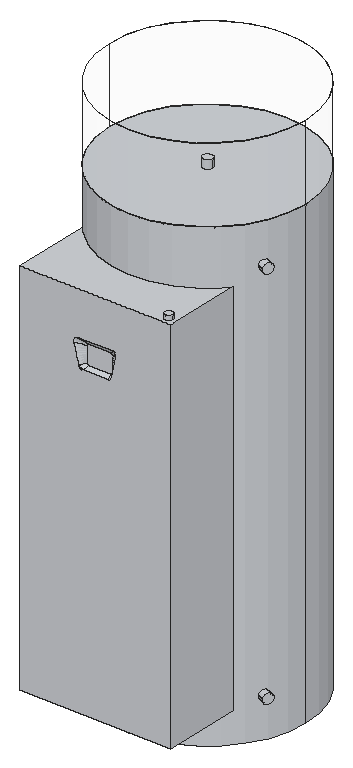
Revit family
Parameters (values of type "HC(Voltage)09 080 1 Phase")
  Wattage = KW * 1000 VA  # 9000 VA
  Water inlet length = Radius + 1"  # 13 3/4"
  VOLTAGE = 208 V
  Total Amps = KW * 1000 V / VOLTAGE  # 43.2692
  Top Clearance = 9 3/4"
  SES BIM Studio # = "201264902-39.1"
  URL = "http://www.lochinvar.com/products/default.aspx?type=productline&lineid=187"
  Panel Width = B_DIAMETER - 6"  # 19 1/2"
  Panel Depth = 13 7/8"
  Number of Poles = 2
  Model = "HC (X) 9 080"
  Manufacturer = "Lochinvar"
  MODEL NO. = "HC (Voltage) 9 080"
  KW = 9
  GALLON CAPACITY = "80"
  C_OVERALL DEPTH = 31"
  CONTINUOUS DELIVERY (GPH) = "37"
  B_DIAMETER = Radius * 2  # 25 1/2"
  A_HEIGHT = 60 1/4"
  Description = ""
  Fuel Type = ""
  Radius = 12 3/4"
  # OF ELEMENTS = "3"
Types (14): name | Wattage | Total Amps | Model | MODEL NO. | KW | GALLON CAPACITY | CONTINUOUS DELIVERY (GPH) | # OF ELEMENTS
  (no name) | 9000 VA | 43.2692 | "HC (X) 9 080" | "HC (Voltage) 9 080" | 9 | "80" | "37" | "3"
  HC(Voltage)18 080 1 Phase | 18000 VA | 86.5385 | "HC (X) 18 080" | "HC (Voltage) 18 080" | 18 | "80" | "74" | "3"
  HC(Voltage)06 080 1 Phase | 6000 VA | 28.8462 | "HC (X) 6 080" | "HC (Voltage) 6 080" | 6 | "80" | "25" | "3"
  HC(Voltage)09 080 1 Phase | 9000 VA | 43.2692 | "HC (X) 9 080" | "HC (Voltage) 9 080" | 9 | "80" | "37" | "3"
  HC(Voltage)12 080 1 Phase | 12000 VA | 57.6923 | "HC (X) 12 080" | "HC (Voltage) 12 080" | 12 | "80" | "49" | "3"
  HC(Voltage)13.5 080 1 Phase | 13500 VA | 64.9038 | "HC (X) 13.5 080" | "HC (Voltage) 13.5 080" | 13.5 | "80" | "55" | "3"
  HC(Voltage)15 080 1 Phase | 15000 VA | 72.1154 | "HC (X) 15 080" | "HC (Voltage) 15 080" | 15 | "80" | "61" | "3"
  HC(Voltage)24 080 1 Phase | 24000 VA | 115.3846 | "HC (X) 24 080" | "HC (Voltage) 24 050" | 24 | "50" | "98" | "6"
  HC(Voltage)27 080 1 Phase | 27000 VA | 129.8077 | "HC (X) 27 080" | "HC (Voltage) 27 080" | 27 | "80" | "111" | "6"
  HC(Voltage)30 080 1 Phase | 30000 VA | 144.2308 | "HC (X) 30 080" | "HC (Voltage) 30 080" | 30 | "80" | "123" | "6"
  HC(Voltage)36 080 1 Phase | 36000 VA | 173.0769 | "HC (X) 36 080" | "HC (Voltage) 36 080" | 36 | "80" | "148" | "6"
  HC(Voltage)40 080 1 Phase | 40000 VA | 192.3077 | "HC (X) 40 080" | "HC (Voltage) 40 080" | 40 | "80" | "166" | "9"
  HC(Voltage)45 080 1 Phase | 45000 VA | 216.3462 | "HC (X) 45 080" | "HC (Voltage) 45 080" | 45 | "80" | "194" | "9"
  HC(Voltage)54 080 1 Phase | 54000 VA | 259.6154 | "HC (X) 54 050" | "HC (Voltage) 54 080" | 54 | "80" | "221" | "9"
Reference planes (in)
  plane 1 "Center (Front/Back)": y = 6.125
  plane 2: z = 0
  plane 3 "Center (Left/Right)": x = -1.39218
  plane 4 "Top": z = 60.25
  plane 5 "Top Clearance": z = 70
  plane 6 "Panel right": x = 8.35782
  plane 7 "Panel left": x = -11.14218
  plane 8 "Panel Face": y = -12.125
  plane 9: y = 18.875
  plane 10 "Panel top": z = 53.25
  plane 11 "Panel bottom": z = 4
  plane 12 "Water inlet anchor": through (-1.39218, 6.125, 48) normal (-0.9063, 0.4226, 0)
  plane 13 "Water inlet end": through (11.06955, 0.314, 48) normal (-0.9063, 0.4226, 0)
  plane 14: through (-1.39218, 6.125, 48) normal (-0.9063, -0.4226, 0)
  plane 15: through (-13.85391, 0.314, 48) normal (-0.9063, -0.4226, 0)
  plane 16: z = 5.25
Forms (in)
  Extrusion 1, solid
    sketch origin (0, 0, 0) x (1, 0, 0) y (0, 1, 0)
      loop
        circle (-1.39218, 6.125) r 12.75
    from 0 to 60.25
  Extrusion 2, solid, material "Clearance"
    sketch origin (0, 0, 60.25) x (-1, 0, 0) y (0, -1, 0)
      loop
        circle (1.39218, -6.125) r 12.75
    from 0 to 9.75
  Extrusion 3, solid
    sketch origin (-1.39218, 0, 0) x (0, 1, 0) y (0, 0, 1)
      loop
        line (6.125, 4) -> (6.125, 53.25) -> (-12.125, 53.25) -> (-12.125, 4) -> (6.125, 4)
    from 9.75 to -9.75
  Extrusion 4, solid
    sketch origin (0, 0, 60.25) x (-1, 0, 0) y (0, -1, 0)
      loop
        circle (1.39218, -6.125) r 0.625
    from 0 to 1
  Extrusion 5, solid
    sketch origin (0, 0, 53.25) x (-1, 0, 0) y (0, -1, 0)
      loop
        circle (-7.35782, 11.125) r 0.5
    from 0 to 0.5
  Extrusion 6, solid
    sketch origin (-4.99757, -2.51609, -1.07813) x (-0.422618, -0.906308, 0) y (0, 0, 1)
      loop
        circle (-9.35519, 6.3358) r 0.625
    from 0.38429 to -13.36571
  Extrusion 7, solid
    sketch origin (-0.30555, -3.58256, -1.07813) x (0.422618, -0.906308, 0) y (0, 0, -1)
      loop
        circle (-9.25727, -6.3358) r 0.625
    from 3.11777 to -10.63223
  Blend 8, void
    base sketch origin (0, -12.125, 0) x (1, 0, 0) y (0, 0, 1)
      loop
        arc (-3.62679, 47.5) -> (-4.02089, 47.30771) -> (-4.11186, 46.87873) r 0.5
        line (-4.11186, 46.87873) -> (-3.48686, 44.37873)
        arc (-3.48686, 44.37873) -> (-3.3095, 44.1059) -> (-3.00179, 44) r 0.5
        line (-3.00179, 44) -> (0.21743, 44)
        arc (0.21743, 44) -> (0.52514, 44.1059) -> (0.7025, 44.37873) r 0.5
        line (0.7025, 44.37873) -> (1.3275, 46.87873)
        arc (1.3275, 46.87873) -> (1.23654, 47.30771) -> (0.84243, 47.5) r 0.5
        line (0.84243, 47.5) -> (-3.62679, 47.5)
    top sketch origin (0, -12.125, 0) x (1, 0, 0) y (0, 0, 1)
      loop
        line (-2.81429, 44.25) -> (0.02993, 44.25)
        arc (0.02993, 44.25) -> (0.20671, 44.32322) -> (0.27993, 44.5) r 0.25
        line (0.27993, 44.5) -> (0.27993, 46.5)
        arc (0.27993, 46.5) -> (0.20671, 46.67678) -> (0.02993, 46.75) r 0.25
        line (0.02993, 46.75) -> (-2.81429, 46.75)
        arc (-2.81429, 46.75) -> (-2.99107, 46.67678) -> (-3.06429, 46.5) r 0.25
        line (-3.06429, 46.5) -> (-3.06429, 44.5)
        arc (-3.06429, 44.5) -> (-2.99107, 44.32322) -> (-2.81429, 44.25) r 0.25
    from 0 to -0.75
  Extrusion 9, void
    sketch origin (0, -11.375, 0.12693) x (1, 0, 0) y (0, 0, 1)
      loop
        arc (-2.31429, 46) -> (-2.40268, 45.96339) -> (-2.43929, 45.875) r 0.125
        line (-2.43929, 45.875) -> (-2.43929, 44.875)
        arc (-2.43929, 44.875) -> (-2.40268, 44.78661) -> (-2.31429, 44.75) r 0.125
        line (-2.31429, 44.75) -> (-0.47007, 44.75)
        arc (-0.47007, 44.75) -> (-0.38168, 44.78661) -> (-0.34507, 44.875) r 0.125
        line (-0.34507, 44.875) -> (-0.34507, 45.875)
        arc (-0.34507, 45.875) -> (-0.38168, 45.96339) -> (-0.47007, 46) r 0.125
        line (-0.47007, 46) -> (-2.31429, 46)
    from 0 to -0.125
  Extrusion 10, solid
    sketch origin (-4.99757, -2.51609, 48.92188) x (-0.422618, -0.906308, 0) y (0, 0, 1)
      loop
        circle (-9.35519, 6.3358) r 0.625
    from 0.38429 to -13.36571
Cuts and joins
  Blend 8 cuts Extrusion 3
Dimensions and locks (in)
  "A_HEIGHT": plane 4 "Top" to level
  "Top Clearance": plane 5 "Top Clearance" to plane 4 "Top"
  equal spacing: plane 7 "Panel left", plane 3 "Center (Left/Right)", plane 6 "Panel right"
  "Panel Width": plane 7 "Panel left" to plane 6 "Panel right"
  "Radius": plane 9 to Extrusion 3
  "C_OVERALL DEPTH": plane 8 "Panel Face" to plane 9
  locked: plane 11 "Panel bottom" to plane 2 at 4
  "Water inlet length": plane 12 "Water inlet anchor" to plane 13 "Water inlet end"
  "Water inlet length": plane 14 to plane 15
  "Radius": radius of Extrusion 1 sketch curve
  "Radius": radius of Extrusion 2 sketch curve
  aligned and locked: plane 4 "Top" to Extrusion 1
  aligned and locked: plane 5 "Top Clearance" to Extrusion 2
  aligned and locked: plane 6 "Panel right" to Extrusion 3
  aligned and locked: Extrusion 3 to plane 7 "Panel left"
  aligned and locked: plane 8 "Panel Face" to Extrusion 3
  aligned and locked: Extrusion 3 to plane 1 "Center (Front/Back)"
  aligned and locked: plane 10 "Panel top" to Extrusion 3
  aligned and locked: Extrusion 3 to plane 11 "Panel bottom"
  aligned and locked: Extrusion 7 to plane 15
  aligned and locked: Extrusion 6 to plane 13 "Water inlet end"
  aligned and locked: plane 13 "Water inlet end" to Extrusion 6
  aligned and locked: plane 15 to Extrusion 7
Automatic sketch dimensions
  plane 1 "Center (Front/Back)" to Extrusion 1 sketch curve = 0"
  Extrusion 1 sketch curve to plane 3 "Center (Left/Right)" = 0"
  plane 1 "Center (Front/Back)" to Extrusion 2 sketch curve = 0"
  Extrusion 2 sketch curve to plane 3 "Center (Left/Right)" = 0"
  Extrusion 3 sketch curve to plane 8 "Panel Face" = 0"
  Extrusion 3 sketch curve to plane 1 "Center (Front/Back)" = 0"
  Extrusion 3 sketch curve to plane 11 "Panel bottom" = 0"
  Extrusion 3 sketch curve to plane 10 "Panel top" = 0"
  plane 1 "Center (Front/Back)" to Extrusion 4 sketch curve = 0"
  Extrusion 4 sketch curve to plane 3 "Center (Left/Right)" = 0"
  Extrusion 5 sketch curve to plane 6 "Panel right" = 1"
  Extrusion 5 sketch curve to plane 8 "Panel Face" = 1"
  plane 16 to Extrusion 6 sketch curve = 0.00768"
  Extrusion 7 sketch curve to plane 16 = 0.00768"
  Blend 8 sketch curve to plane 3 "Center (Left/Right)" = 2.71968"
  Blend 8 sketch curve to Blend 8 sketch curve = 0.48507"  (x4)
  Blend 8 sketch curve to plane 3 "Center (Left/Right)" = 2.09468"
  plane 3 "Center (Left/Right)" to Blend 8 sketch curve = 1.60961"
  plane 3 "Center (Left/Right)" to Blend 8 sketch curve = 2.23461"
  Blend 8 sketch curve to plane 10 "Panel top" = 9 1/4"
  Blend 8 sketch curve to Blend 8 sketch curve = 0.37873"  (x2)
  Blend 8 sketch curve to Blend 8 sketch curve = 2 1/2"  (x2)
  Blend 8 sketch curve to Blend 8 sketch curve = 0.12127"
  Blend 8 sketch curve to plane 3 "Center (Left/Right)" = 1.67211"
  Blend 8 sketch curve to Blend 8 sketch curve = 1/4"  (x3)
  plane 3 "Center (Left/Right)" to Blend 8 sketch curve = 1.42211"  (x2)
  Blend 8 sketch curve to plane 10 "Panel top" = 9"
  Blend 8 sketch curve to Blend 8 sketch curve = 2"
  Extrusion 9 sketch curve to plane 3 "Center (Left/Right)" = 1.04711"
  Extrusion 9 sketch curve to Extrusion 9 sketch curve = 1/8"  (x3)
  plane 3 "Center (Left/Right)" to Extrusion 9 sketch curve = 0.92211"  (x2)
  Extrusion 9 sketch curve to plane 10 "Panel top" = 8.37307"
  Extrusion 9 sketch curve to Extrusion 9 sketch curve = 1"
  plane 10 "Panel top" to Extrusion 10 sketch curve = 2.00768"
  radius of Extrusion 4 sketch curve = 5/8"
  radius of Extrusion 5 sketch curve = 1/2"
  radius of Extrusion 6 sketch curve = 5/8"
  radius of Extrusion 7 sketch curve = 5/8"
  radius of Extrusion 10 sketch curve = 5/8"
Connectors (in)
  piping at (-1.39218, 6.125, 61.25)
    settings: on Extrusion 4, index 1, connector radius 5/8", flow factor 0, pipe flow 0 GPM, pressure drop 0.00 psi, fitting loss kfactor 0, connector angle 0.00°, fixture units 0, flow configuration 0, flow direction 0, fitting loss method 0, system type 19, connector reference index -1, connector utility 0, adjustable connector no, is connector primary yes, fitting loss table "", connector description "Water Outlet"
  piping at (-13.85391, 0.314, 5.25768)
    settings: on Extrusion 7, index 5, connector radius 3/8", flow factor 0, pipe flow 0 GPM, pressure drop 0.00 psi, fitting loss kfactor 0, connector angle 0.00°, fixture units 0, flow configuration 1, flow direction 2, fitting loss method 0, system type 16, connector reference index -1, connector utility 0, adjustable connector no, is connector primary no, fitting loss table "", connector description ""
  piping at (11.06955, 0.314, 5.25768)
    settings: on Extrusion 6, index 6, connector radius 5/8", flow factor 0, pipe flow 0 GPM, pressure drop 0.00 psi, fitting loss kfactor 0, connector angle 0.00°, fixture units 0, flow configuration 0, flow direction 1, fitting loss method 0, system type 20, connector reference index -1, connector utility 0, adjustable connector no, is connector primary no, fitting loss table "", connector description "Water Inlet"
  electrical at (7.35782, -11.125, 53.75), driven by "Wattage", driven by "VOLTAGE", driven by "Number of Poles"
    settings: on Extrusion 5, index 7, voltage 208 V, apparent load 9000 VA, apparent load phase1 0 VA, apparent load phase2 0 VA, apparent load phase3 0 VA, power factor 1, load classification "Other", number of poles 2, system type 30, power factor state 1, is connector primary yes, connector utility no, sub classification motor no, connector description "Electrical"
